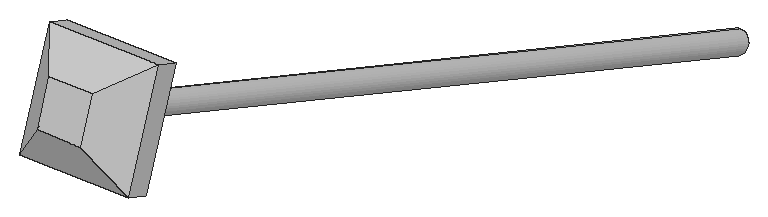
Revit family "GSM-SON-CSH-SoilNail-04", category Site, Revit 2020
Family settings
  Round Connector Dimension = Use Diameter
  Part Type = Normal
  Work Plane-Based = No
  Always vertical = Yes
  Cut with Voids When Loaded = No
  Shared = No
Parameters (values of type "GSM-SON-CSH-SoilNail-04")
  Verification [instance] = ""
  Soil Nail Total Length [instance] = 4000 mm
  Soil Nail Material = Ribbed Reinforcement
  Soil Nail Inclination [instance] = 19.9999°
  Soil Nail Head Material = Concrete Grade 30/20
  Soil Nail Dia [instance] = 30 mm
  OmniClassVersion [instance] = "National Standard - 2012-05-16"
  OmniClassTitle [instance] = "Earth Reinforcement Soil Nails"
  OmniClassCode [instance] = "23-11 11 13 11"
  Nail Head to Pivot [instance] = (Nail Head Width * -1 - 50 mm - 82 mm) / cos(Nail Head Angle - Soil Nail Inclination)  # 118 mm
  Nail Head Angle [instance] = 19.9961°
  Model Number [instance] = ""
  Material Grade [instance] = ""
  Manufacturer Name [instance] = ""
  Location [instance] = ""
  LOD-I [instance] = "300"
  LOD-G [instance] = "300"
  Hole Fill Material = Cement Grout
  Nail Head Width = -250 mm
  Nail Head Length = 500 mm
  Hole Dia [instance] = 100 mm
  Handover Date [instance] = ""
  Equipment Capacity [instance] = ""
  Design Capacity [instance] = ""
  Departmental Unique ID [instance] = ""
  Default Elevation = 0 mm
  Corrosion Protection Layer Material = Corrugated Sheath
  Corrosion Protection Dia.Outer [instance] = Corrosion Protection Dia. + 5 mm  # 55 mm
  Corrosion Protection Layer [instance] = no
  Corrosion Protection Dia. [instance] = Soil Nail Dia + 20 mm  # 50 mm
  Contract Number of the Equipment [instance] = ""
  Certified Completion Date [instance] = ""
  CAT Code [instance] = "GSM"
  Brand Name [instance] = ""
  Asset ID [instance] = ""
Reference planes
  plane 1 "Center (Front/Back)": y = 0
  plane 2: z = 0
  plane 3 "Center (Left/Right)": x = 0
Forms (mm)
  Sweep 1, solid, material "Ribbed Reinforcement" <- "Soil Nail Material"
    path in 3D
      loop
        line (0, 3570.832, -1299.677) -> (0, -77.057, 28.04) -> (0, -187.94, 68.399)
    profile origin (0, -132.499, 48.22) x (0, -0.342019, -0.939693) y (1, 0, 0)
      loop
        circle (0, 0) r 15
  Extrusion 2, solid, material "Concrete Grade 30/20" <- "Soil Nail Head Material"
    sketch origin (0, 0, 0) x (1, 0, 0) y (0, -0.341956, -0.939716)
      loop
        line (250, -250) -> (250, 250) -> (-250, 250) -> (-250, -250) -> (250, -250)
    from 0 to -100
  Blend 3, solid, material "Concrete Grade 30/20" <- "Soil Nail Head Material"
    base sketch origin (0, -93.972, 34.196) x (-1, 0, 0) y (0, -0.341956, -0.939716)
      loop
        line (-250, -250) -> (250, -250) -> (250, 250) -> (-250, 250) -> (-250, -250)
    top sketch origin (0, -93.972, 34.196) x (-1, 0, 0) y (0, -0.341956, -0.939716)
      loop
        line (-100, -100) -> (100, -100) -> (100, 100) -> (-100, 100) -> (-100, -100)
    from 0 to 150
  Sweep 4, solid, material "Cement Grout" <- "Hole Fill Material"
    path in 3D
      loop
        line (0, -77.057, 28.04) -> (0, 3617.817, -1316.777)
    profile origin (0, 1770.38, -644.369) x (0, 0.342019, 0.939693) y (1, 0, 0)
      loop
        circle (0, 0) r 50
  Sweep 5, solid, material "Corrugated Sheath" <- "Corrosion Protection Layer Material", visible <- "Corrosion Protection Layer"
    path in 3D
      loop
        line (0, -77.057, 28.04) -> (0, 3617.817, -1316.777)
    profile origin (0, 1770.38, -644.369) x (0, 0.342019, 0.939693) y (1, 0, 0)
      loop
        circle (0, 0) r 27.5
      loop
        circle (0, 0) r 25
Cuts and joins
  joined: Extrusion 2, Blend 3
Lines and regions (mm)
  reference lines
    curve 1: line (0, 0, 0) -> (0, -77.057, 28.04)
    curve 2: line (0, -144.874, 52.724) -> (0, 0.126, 52.724)
    curve 3: line (0, -77.057, 28.04) -> (0, -187.94, 68.399)
    curve 4: line (0, -77.057, 28.04) -> (0, 3570.832, -1299.677)
  sketch lines
    curve 5: line (0, -77.057, 28.04) -> (0, -187.94, 68.399)
    curve 6: line (0, -77.057, 28.04) -> (0, 3570.832, -1299.677)
    curve 7: line (0, -77.057, 28.04) -> (0, 3617.817, -1316.777)
    curve 8: line (0, -77.057, 28.04) -> (0, 3617.817, -1316.777)
Dimensions and locks
  "Nail Head to Pivot": curve 3 to curve 3
  "Soil Nail Total Length": curve 3 to curve 4
  equal spacing: Extrusion 2 sketch curve, curve 1, Extrusion 2 sketch curve  (x2)
  "Nail Head Length": Extrusion 2 sketch curve to Extrusion 2 sketch curve  (x2)
  Blend 3 to curve 3 = 50 mm
  "Soil Nail Dia": diameter of Sweep 1 sketch curve
  "Hole Dia": diameter of Sweep 4 sketch curve
  "Corrosion Protection Dia.Outer": diameter of Sweep 5 sketch curve
  "Corrosion Protection Dia.": diameter of Sweep 5 sketch curve
  "Nail Head Angle": angle curve 1 to level
  "Soil Nail Inclination": angle curve 3 to curve 2
  "Soil Nail Inclination": angle curve 4 to curve 2
  aligned and locked: level to plane 2
  aligned and locked: Blend 3 sketch curve to Extrusion 2  (x4)
Automatic sketch dimensions
  Blend 3 sketch curve to Extrusion 2 = 150 mm  (x4)
  curve 1 to level = 0 mm
  curve 1 to plane 1 "Center (Front/Back)" = 0 mm
  curve 3 to curve 2 = 43.067 mm
  Sweep 1 sketch curve to profile plane = 0 mm  (x2)
  Sweep 4 sketch curve to profile plane = 0 mm  (x2)
  Sweep 5 sketch curve to Sweep 5 sketch curve = 0 mm  (x2)
  Sweep 5 sketch curve to profile plane = 0 mm  (x2)
Nested families
  nested 1: "GSM-SON-CSH-SoilNailSymbol-04" at (0, 0, 0), type "GSM-SON-CSH-SoilNailSymbol-04"
Definition of nested family "GSM-SON-CSH-SoilNailSymbol-04"
  Reference planes
    plane 1: y = 0
    plane 2: x = 0
  Lines and regions (mm)
    detail lines
      curve 1: line (0.75, 0.75, 0) -> (0.75, -0.75, 0)
      curve 2: line (-0.75, 0.75, 0) -> (-0.75, -0.75, 0)
      curve 3: line (-0.75, 0.75, 0) -> (0.75, 0.75, 0)
      curve 4: line (-0.75, -0.75, 0) -> (0.75, -0.75, 0)
      curve 7: line (3.137, -0.75, 0) -> (3.137, 0.75, 0)
      curve 8: line (4.137, 0.75, 0) -> (4.137, -0.75, 0)
      curve 9: line (3.137, 0.75, 0) -> (4.137, -0.75, 0)
    reference lines
      curve 5: line (1.75, -0.75, 0) -> (1.75, 1.882, 0)
      curve 6: line (2.75, -0.972, 0) -> (2.75, 1.882, 0)
      curve 10: line (2.75, 0.75, 0) -> (1.4, 0.75, 0)
      curve 11: line (2.75, -0.75, 0) -> (1.511, -0.75, 0)
  Nested families
    nested 1: "Sign Pole 2D" at (2.259, -0.033, 0), type "Sign Pole 2D"
  Definition of nested family "Sign Pole 2D"
    Reference planes
      plane 1: y = 0
      plane 2: x = 0
    Lines and regions (mm)
      detail lines
        curve 1: arc (-0.409, 0.38, 0) -> (-0.004, 0.785, 0) -> (0.401, 0.38, 0) r 0.405
        curve 2: arc (0.396, -0.36, 0) -> (-0.028, -0.724, 0) -> (-0.413, -0.32, 0) r 0.405
        curve 3: arc (-0.409, 0.38, 0) -> (-0.402, 0.279, 0) -> (-0.38, 0.179, 0) r 0.707
        curve 4: arc (0.396, -0.36, 0) -> (0.394, -0.269, 0) -> (0.38, -0.179, 0) r 0.707
        curve 5: line (-0.38, 0.179, 0) -> (0.38, -0.179, 0)
